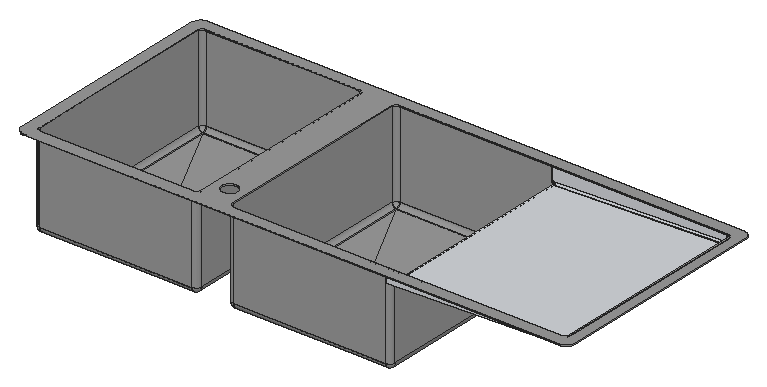
Revit family "Alma-SNA0022L-Theo-LHS-1200-Stainless-Steel", category Plumbing Fixtures, host Face, Revit 2022
Family settings
  Host = Face
  Round Connector Dimension = Use Diameter
  Part Type = Normal
  Cut with Voids When Loaded = No
  Maintain Annotation Orientation = No
  Shared = No
  Room Calculation Point = No
Parameters (values of type "Theo LHS 1200 Stainless Steel")
  Width 2 = 350.0 mm
  Width 1 = 350.0 mm
  Undermount [instance] = 20.0 mm
  URL = "https://www.buildmat.com.au/products/theo-1200x500-double-bowl-tap-landing-with-left-drain-board-sink"
  Sound Pad 2 = yes
  Sound Pad 1 = yes
  Model = "SNA0022L"  # constant formula
  Manufacturer = "BUILDMAT"  # constant formula
  Length = 450.0 mm
  Gap = 70.0 mm
  Drainboard Length = 380.0 mm
  Drain Sound Pad 2 = yes
  Drain Sound Pad 1 = yes
  Description = "Theo 1200x500 Double Bowl with Tap Landing & LHS Drain Board Sink"  # constant formula
  Depth = 205.0 mm
  Default Elevation = 1200.0 mm
  D. S. Pad 2 = 175.0 mm
  D. S. Pad 1 = 200.0 mm
  D. Bracket 4 = 50.0 mm
  D. Bracket 3 = 50.0 mm
  D. Bracket 2 = 50.0 mm
  D. Bracket 1 = 100.0 mm
  Created = "22.12.2023"  # constant formula
  Brand = "Alma"  # constant formula
  Bracket 4 = yes
  Bracket 3 = yes
  Bracket 2 = yes
  Bracket 1 = yes
  Bowl = ALMA Stainless Steel
Reference planes
  plane 1 "Center (Front/Back)": y = 0
  plane 2: z = 0
  plane 3 "Center (Left/Right)": x = 0
  plane 4: x = -35
  plane 5: x = 35
  plane 6: x = -385
  plane 7: x = 385
  plane 8: y = -225
  plane 9: y = 225
  plane 10: x = -410
  plane 11: y = -250
  plane 12: y = 250
  plane 13: x = 210
  plane 14: x = -210
  plane 15: y = 215
  plane 16: y = -215
  plane 17: x = -375
  plane 18: x = -45
  plane 19: x = 45
  plane 20: x = 375
  plane 21: y = 226.5
  plane 22: y = -226.5
  plane 23: x = -386.5
  plane 24: x = -33.5
  plane 25: x = 33.5
  plane 26: x = 386.5
  plane 27: x = -267
  plane 28: x = -153
  plane 29: x = -165
  plane 30: x = -255
  plane 31: x = 153
  plane 32: x = 165
  plane 33: x = 255
  plane 34: x = 267
  plane 35 "Sound Pad 1": x = -185
  plane 36 "Sound Pad 2": x = 210
  plane 37 "Top Substrate": z = -20
  plane 38: z = -18.5
  plane 39 "Bottom Void": z = -225
  plane 40: z = -215
  plane 41: z = -205
  plane 42: z = -220
  plane 43: z = -221.481
  plane 44: z = -216.5
  plane 45 "Sound Pad": z = -125
  plane 46 "Bracket 1": x = -285
  plane 47 "Bracket 2": x = -85
  plane 48 "Bracket 3": x = 85
  plane 49 "Bracket 4": x = 335
  plane 50: y = 125
  plane 51: y = -125
  plane 52: x = -310
  plane 53: x = -110
  plane 54: x = 110
  plane 55: x = 310
  plane 56: z = -185
  plane 57: z = -165
  plane 58 "Drainboard": x = 765
  plane 59: x = 790
  plane 60: x = 766.5
  plane 61: x = 755
  plane 62: z = -35
  plane 63: z = -50
  plane 64: x = 665
  plane 65: y = -180
  plane 66: x = -17.5
  plane 67: x = 17.5
  plane 68: y = -162.5
  plane 69: y = -197.5
Forms (mm)
  Extrusion 1, void
    sketch origin (0, 0, 0) x (1, 0, 0) y (0, 1, 0)
      loop
        arc (-375, 225) -> (-382.071, 222.071) -> (-385, 215) r 10
        line (-385, 215) -> (-385, -215)
        arc (-385, -215) -> (-382.071, -222.071) -> (-375, -225) r 10
        line (-375, -225) -> (755, -225)
        arc (755, -225) -> (762.071, -222.071) -> (765, -215) r 10
        line (765, -215) -> (765, 215)
        arc (765, 215) -> (762.071, 222.071) -> (755, 225) r 10
        line (755, 225) -> (-375, 225)
    from 0 to -18.5
  Extrusion 2, void
    sketch origin (0, 0, 0) x (1, 0, 0) y (0, 1, 0)
      loop
        arc (-390, 250) -> (-404.142, 244.142) -> (-410, 230) r 20
        line (-410, 230) -> (-410, -230)
        arc (-410, -230) -> (-404.142, -244.142) -> (-390, -250) r 20
        line (-390, -250) -> (770, -250)
        arc (770, -250) -> (784.142, -244.142) -> (790, -230) r 20
        line (790, -230) -> (790, 230)
        arc (790, 230) -> (784.142, 244.142) -> (770, 250) r 20
        line (770, 250) -> (-390, 250)
    from -20 to -18.5
  Extrusion 3, void
    sketch origin (0, 0, 0) x (1, 0, 0) y (0, 1, 0)
      loop
        line (-386.5, 226.5) -> (-386.5, -226.5) -> (766.5, -226.5) -> (766.5, 226.5) -> (-386.5, 226.5)
    from -225 to -20
  Extrusion 4, solid, material "ALMA Stainless Steel" <- "Bowl"
    sketch origin (0, 0, -20) x (-1, 0, 0) y (0, -1, 0)
      loop
        arc (390, -250) -> (404.142, -244.142) -> (410, -230) r 20
        line (410, -230) -> (410, 230)
        arc (410, 230) -> (404.142, 244.142) -> (390, 250) r 20
        line (390, 250) -> (-770, 250)
        arc (-770, 250) -> (-784.142, 244.142) -> (-790, 230) r 20
        line (-790, 230) -> (-790, -230)
        arc (-790, -230) -> (-784.142, -244.142) -> (-770, -250) r 20
        line (-770, -250) -> (390, -250)
      loop
        arc (375, -225) -> (382.071, -222.071) -> (385, -215) r 10
        line (385, -215) -> (385, 215)
        arc (385, 215) -> (382.071, 222.071) -> (375, 225) r 10
        line (375, 225) -> (45, 225)
        arc (45, 225) -> (37.929, 222.071) -> (35, 215) r 10
        line (35, 215) -> (35, -215)
        arc (35, -215) -> (37.929, -222.071) -> (45, -225) r 10
        line (45, -225) -> (375, -225)
      loop
        line (-35, -215) -> (-35, 215)
        arc (-35, 215) -> (-37.929, 222.071) -> (-45, 225) r 10
        line (-45, 225) -> (-755, 225)
        arc (-755, 225) -> (-762.071, 222.071) -> (-765, 215) r 10
        line (-765, 215) -> (-765, -215)
        arc (-765, -215) -> (-762.071, -222.071) -> (-755, -225) r 10
        line (-755, -225) -> (-45, -225)
        arc (-45, -225) -> (-37.929, -222.071) -> (-35, -215) r 10
      loop
        circle (0, 180) r 17.5
    from 0 to 1.5
  Extrusion 5, solid, material "ALMA Stainless Steel" <- "Bowl"
    sketch origin (0, 0, -20) x (-1, 0, 0) y (0, -1, 0)
      loop
        arc (375, -225) -> (382.071, -222.071) -> (385, -215) r 10
        line (385, -215) -> (385, 215)
        arc (385, 215) -> (382.071, 222.071) -> (375, 225) r 10
        line (375, 225) -> (45, 225)
        arc (45, 225) -> (37.929, 222.071) -> (35, 215) r 10
        line (35, 215) -> (35, -215)
        arc (35, -215) -> (37.929, -222.071) -> (45, -225) r 10
        line (45, -225) -> (375, -225)
      loop
        arc (375, -226.5) -> (383.132, -223.132) -> (386.5, -215) r 11.5
        line (386.5, -215) -> (386.5, 215)
        arc (386.5, 215) -> (383.132, 223.132) -> (375, 226.5) r 11.5
        line (375, 226.5) -> (45, 226.5)
        arc (45, 226.5) -> (36.868, 223.132) -> (33.5, 215) r 11.5
        line (33.5, 215) -> (33.5, -215)
        arc (33.5, -215) -> (36.868, -223.132) -> (45, -226.5) r 11.5
        line (45, -226.5) -> (375, -226.5)
    from 0 to -185
  Extrusion 6, solid, material "ALMA Stainless Steel" <- "Bowl"
    sketch origin (0, 0, -20) x (-1, 0, 0) y (0, -1, 0)
      loop
        arc (-45, -225) -> (-37.929, -222.071) -> (-35, -215) r 10
        line (-35, -215) -> (-35, 215)
        arc (-35, 215) -> (-37.929, 222.071) -> (-45, 225) r 10
        line (-45, 225) -> (-375, 225)
        arc (-375, 225) -> (-382.071, 222.071) -> (-385, 215) r 10
        line (-385, 215) -> (-385, -215)
        arc (-385, -215) -> (-382.071, -222.071) -> (-375, -225) r 10
        line (-375, -225) -> (-45, -225)
      loop
        line (-33.5, -215) -> (-33.5, 215)
        arc (-33.5, 215) -> (-36.868, 223.132) -> (-45, 226.5) r 11.5
        line (-45, 226.5) -> (-375, 226.5)
        arc (-375, 226.5) -> (-383.132, 223.132) -> (-386.5, 215) r 11.5
        line (-386.5, 215) -> (-386.5, -215)
        arc (-386.5, -215) -> (-383.132, -223.132) -> (-375, -226.5) r 11.5
        line (-375, -226.5) -> (-45, -226.5)
        arc (-45, -226.5) -> (-36.868, -223.132) -> (-33.5, -215) r 11.5
    from 0 to -185
  Extrusion 7, solid, material "ALMA Stainless Steel" <- "Bowl"
    sketch origin (0, 0, 0) x (1, 0, 0) y (0, 0, 1)
      loop
        line (-385, -205) -> (-386.5, -205)
        arc (-386.5, -205) -> (-383.132, -213.132) -> (-375, -216.5) r 11.5
        line (-375, -216.5) -> (-375, -215)
        arc (-375, -215) -> (-382.071, -212.071) -> (-385, -205) r 10
    from -215 to 215
  Extrusion 8, solid, material "ALMA Stainless Steel" <- "Bowl"
    sketch origin (0, 0, 0) x (1, 0, 0) y (0, 0, 1)
      loop
        arc (-35, -205) -> (-37.929, -212.071) -> (-45, -215) r 10
        line (-45, -215) -> (-45, -216.5)
        arc (-45, -216.5) -> (-36.868, -213.132) -> (-33.5, -205) r 11.5
        line (-33.5, -205) -> (-35, -205)
    from -215 to 215
  Extrusion 9, solid, material "ALMA Stainless Steel" <- "Bowl"
    sketch origin (0, 0, 0) x (1, 0, 0) y (0, 0, 1)
      loop
        line (35, -205) -> (33.5, -205)
        arc (33.5, -205) -> (36.868, -213.132) -> (45, -216.5) r 11.5
        line (45, -216.5) -> (45, -215)
        arc (45, -215) -> (37.929, -212.071) -> (35, -205) r 10
    from -215 to 215
  Extrusion 10, solid, material "ALMA Stainless Steel" <- "Bowl"
    sketch origin (0, 0, 0) x (1, 0, 0) y (0, 0, 1)
      loop
        arc (385, -205) -> (382.071, -212.071) -> (375, -215) r 10
        line (375, -215) -> (375, -216.5)
        arc (375, -216.5) -> (383.132, -213.132) -> (386.5, -205) r 11.5
        line (386.5, -205) -> (385, -205)
    from -215 to 215
  Extrusion 11, solid, material "ALMA Stainless Steel" <- "Bowl"
    sketch origin (0, 0, 0) x (0, 1, 0) y (0, 0, 1)
      loop
        line (226.5, -205) -> (225, -205)
        arc (225, -205) -> (222.071, -212.071) -> (215, -215) r 10
        line (215, -215) -> (215, -216.5)
        arc (215, -216.5) -> (223.132, -213.132) -> (226.5, -205) r 11.5
    from 45 to 375
  Extrusion 12, solid, material "ALMA Stainless Steel" <- "Bowl"
    sketch origin (0, 0, 0) x (0, 1, 0) y (0, 0, 1)
      loop
        line (-225, -205) -> (-226.5, -205)
        arc (-226.5, -205) -> (-223.132, -213.132) -> (-215, -216.5) r 11.5
        line (-215, -216.5) -> (-215, -215)
        arc (-215, -215) -> (-222.071, -212.071) -> (-225, -205) r 10
    from 45 to 375
  Extrusion 13, solid, material "ALMA Stainless Steel" <- "Bowl"
    sketch origin (0, 0, 0) x (0, 1, 0) y (0, 0, 1)
      loop
        arc (225, -205) -> (222.071, -212.071) -> (215, -215) r 10
        line (215, -215) -> (215, -216.5)
        arc (215, -216.5) -> (223.132, -213.132) -> (226.5, -205) r 11.5
        line (226.5, -205) -> (225, -205)
    from -375 to -45
  Extrusion 14, solid, material "ALMA Stainless Steel" <- "Bowl"
    sketch origin (0, 0, 0) x (0, 1, 0) y (0, 0, 1)
      loop
        line (-225, -205) -> (-226.5, -205)
        arc (-226.5, -205) -> (-223.132, -213.132) -> (-215, -216.5) r 11.5
        line (-215, -216.5) -> (-215, -215)
        arc (-215, -215) -> (-222.071, -212.071) -> (-225, -205) r 10
    from -375 to -45
  Revolve 15, solid, material "ALMA Stainless Steel" <- "Bowl"
    sketch origin (-423.435, 215, 4000) x (-1, 0, 0) y (0, 0, 1)
      loop
        arc (-38.435, -4205) -> (-41.364, -4212.071) -> (-48.435, -4215) r 10
        line (-48.435, -4215) -> (-48.435, -4216.5)
        arc (-48.435, -4216.5) -> (-40.304, -4213.132) -> (-36.935, -4205) r 11.5
        line (-36.935, -4205) -> (-38.435, -4205)
      axis (-48.435, -4205) -> (-48.435, -4216.5)
    angle from -90 to 0
  Revolve 16, solid, material "ALMA Stainless Steel" <- "Bowl"
    sketch origin (-423.435, 215, 4000) x (-1, 0, 0) y (0, 0, 1)
      loop
        line (-388.435, -4205) -> (-389.935, -4205)
        arc (-389.935, -4205) -> (-386.567, -4213.132) -> (-378.435, -4216.5) r 11.5
        line (-378.435, -4216.5) -> (-378.435, -4215)
        arc (-378.435, -4215) -> (-385.506, -4212.071) -> (-388.435, -4205) r 10
      axis (-378.435, -4205) -> (-378.435, -4216.5)
    angle from -90 to 0
  Revolve 17, solid, material "ALMA Stainless Steel" <- "Bowl"
    sketch origin (-423.435, 215, 4000) x (-1, 0, 0) y (0, 0, 1)
      loop
        arc (-458.435, -4205) -> (-461.364, -4212.071) -> (-468.435, -4215) r 10
        line (-468.435, -4215) -> (-468.435, -4216.5)
        arc (-468.435, -4216.5) -> (-460.304, -4213.132) -> (-456.935, -4205) r 11.5
        line (-456.935, -4205) -> (-458.435, -4205)
      axis (-468.435, -4205) -> (-468.435, -4216.5)
    angle from -90 to 0
  Revolve 18, solid, material "ALMA Stainless Steel" <- "Bowl"
    sketch origin (-423.435, 215, 4000) x (-1, 0, 0) y (0, 0, 1)
      loop
        line (-808.435, -4205) -> (-809.935, -4205)
        arc (-809.935, -4205) -> (-806.567, -4213.132) -> (-798.435, -4216.5) r 11.5
        line (-798.435, -4216.5) -> (-798.435, -4215)
        arc (-798.435, -4215) -> (-805.506, -4212.071) -> (-808.435, -4205) r 10
      axis (-798.435, -4205) -> (-798.435, -4216.5)
    angle from -90 to 0
  Revolve 19, solid, material "ALMA Stainless Steel" <- "Bowl"
    sketch origin (-423.435, -215, 4000) x (-1, 0, 0) y (0, 0, 1)
      loop
        arc (-38.435, -4205) -> (-41.364, -4212.071) -> (-48.435, -4215) r 10
        line (-48.435, -4215) -> (-48.435, -4216.5)
        arc (-48.435, -4216.5) -> (-40.304, -4213.132) -> (-36.935, -4205) r 11.5
        line (-36.935, -4205) -> (-38.435, -4205)
      axis (-48.435, -4205) -> (-48.435, -4216.5)
    angle from 0 to 90
  Revolve 20, solid, material "ALMA Stainless Steel" <- "Bowl"
    sketch origin (-423.435, -215, 4000) x (-1, 0, 0) y (0, 0, 1)
      loop
        arc (-389.935, -4205) -> (-386.567, -4213.132) -> (-378.435, -4216.5) r 11.5
        line (-378.435, -4216.5) -> (-378.435, -4215)
        arc (-378.435, -4215) -> (-385.506, -4212.071) -> (-388.435, -4205) r 10
        line (-388.435, -4205) -> (-389.935, -4205)
      axis (-378.435, -4205) -> (-378.435, -4216.5)
    angle from 0 to 90
  Revolve 21, solid, material "ALMA Stainless Steel" <- "Bowl"
    sketch origin (-423.435, -215, 4000) x (-1, 0, 0) y (0, 0, 1)
      loop
        line (-456.935, -4205) -> (-458.435, -4205)
        arc (-458.435, -4205) -> (-461.364, -4212.071) -> (-468.435, -4215) r 10
        line (-468.435, -4215) -> (-468.435, -4216.5)
        arc (-468.435, -4216.5) -> (-460.304, -4213.132) -> (-456.935, -4205) r 11.5
      axis (-468.435, -4205) -> (-468.435, -4216.5)
    angle from 0 to 90
  Revolve 22, solid, material "ALMA Stainless Steel" <- "Bowl"
    sketch origin (-423.435, -215, 4000) x (-1, 0, 0) y (0, 0, 1)
      loop
        arc (-809.935, -4205) -> (-806.567, -4213.132) -> (-798.435, -4216.5) r 11.5
        line (-798.435, -4216.5) -> (-798.435, -4215)
        arc (-798.435, -4215) -> (-805.506, -4212.071) -> (-808.435, -4205) r 10
        line (-808.435, -4205) -> (-809.935, -4205)
      axis (-798.435, -4205) -> (-798.435, -4216.5)
    angle from 0 to 90
  Extrusion 23, solid, material "ALMA Stainless Steel" <- "Bowl"
    sketch origin (0, 0, -20) x (-1, 0, 0) y (0, -1, 0)
      loop
        line (45, -215) -> (375, -215) -> (375, 215) -> (45, 215) -> (45, -215)
    from -196.5 to -195
  Extrusion 24, solid, material "ALMA Stainless Steel" <- "Bowl"
    sketch origin (0, 0, -20) x (-1, 0, 0) y (0, -1, 0)
      loop
        line (-45, -215) -> (-45, 215) -> (-375, 215) -> (-375, -215) -> (-45, -215)
    from -196.5 to -195
  Blend 25, solid, material "ALMA Stainless Steel" <- "Bowl"
    base sketch origin (0, 0, -20) x (-1, 0, 0) y (0, -1, 0)
      loop
        circle (210, 0) r 57
    top sketch origin (0, 0, -20) x (-1, 0, 0) y (0, -1, 0)
      loop
        line (375, -215) -> (375, 215) -> (45, 215) -> (45, -215) -> (375, -215)
    from -201.481 to -196.5
  Blend 26, solid, material "ALMA Stainless Steel" <- "Bowl"
    base sketch origin (0, 0, -20) x (-1, 0, 0) y (0, -1, 0)
      loop
        circle (-210, 0) r 57
    top sketch origin (0, 0, -20) x (-1, 0, 0) y (0, -1, 0)
      loop
        line (-45, -215) -> (-45, 215) -> (-375, 215) -> (-375, -215) -> (-45, -215)
    from -201.481 to -196.5
  Blend 27, void
    base sketch origin (0, 0, -20) x (-1, 0, 0) y (0, -1, 0)
      loop
        circle (210, 0) r 57
    top sketch origin (0, 0, -20) x (-1, 0, 0) y (0, -1, 0)
      loop
        line (375, -215) -> (375, 215) -> (45, 215) -> (45, -215) -> (375, -215)
    from -200 to -195
  Blend 28, void
    base sketch origin (0, 0, -20) x (-1, 0, 0) y (0, -1, 0)
      loop
        circle (-210, 0) r 57
    top sketch origin (0, 0, -20) x (-1, 0, 0) y (0, -1, 0)
      loop
        line (-45, -215) -> (-45, 215) -> (-375, 215) -> (-375, -215) -> (-45, -215)
    from -200 to -195
  Extrusion 29, void
    sketch origin (0, 0, -225) x (-1, 0, 0) y (0, -1, 0)
      loop
        circle (210, 0) r 57
    from 0 to 5
  Extrusion 30, void
    sketch origin (0, 0, -225) x (-1, 0, 0) y (0, -1, 0)
      loop
        circle (-210, 0) r 57
    from 0 to 5
  Revolve 31, solid, material "ALMA Stainless Steel" <- "Bowl"
    sketch origin (0, 0, 0) x (1, 0, 0) y (0, 0, 1)
      loop
        spline (-267, -220) -> (-266.897, -220.653) -> (-266.591, -221.294) -> (-266.087, -221.913) -> (-265.392, -222.5) -> (-264.52, -223.044) -> (-263.485, -223.536) -> (-262.305, -223.967) -> (-261, -224.33) -> (-259.592, -224.619) -> (-258.106, -224.83) -> (-256.566, -224.957) -> (-255, -225)
        line (-255, -225) -> (-255, -223.5)
        spline (-255, -223.5) -> (-256.371, -223.47) -> (-257.718, -223.381) -> (-259.018, -223.234) -> (-260.25, -223.031) -> (-261.392, -222.777) -> (-262.425, -222.475) -> (-263.33, -222.131) -> (-264.093, -221.75) -> (-264.701, -221.339) -> (-265.142, -220.906) -> (-265.41, -220.457) -> (-265.5, -220)
        line (-265.5, -220) -> (-267, -220)
      axis (-210, -225) -> (-210, -220)
    angle from 0 to 360
  Revolve 32, solid, material "ALMA Stainless Steel" <- "Bowl"
    sketch origin (0, 0, 0) x (1, 0, 0) y (0, 0, 1)
      loop
        line (267, -220) -> (265.5, -220)
        spline (265.5, -220) -> (265.41, -220.457) -> (265.142, -220.906) -> (264.701, -221.339) -> (264.093, -221.75) -> (263.33, -222.131) -> (262.425, -222.475) -> (261.392, -222.777) -> (260.25, -223.031) -> (259.018, -223.234) -> (257.718, -223.381) -> (256.371, -223.47) -> (255, -223.5)
        line (255, -223.5) -> (255, -225)
        spline (255, -225) -> (256.566, -224.957) -> (258.106, -224.83) -> (259.592, -224.619) -> (261, -224.33) -> (262.305, -223.967) -> (263.485, -223.536) -> (264.52, -223.044) -> (265.392, -222.5) -> (266.087, -221.913) -> (266.591, -221.294) -> (266.897, -220.653) -> (267, -220)
      axis (210, -220) -> (210, -225)
    angle from 0 to 360
  Extrusion 33, solid
    sketch origin (0, 0, 0) x (1, 0, 0) y (0, 0, 1)
      loop
        line (375, -50) -> (766.5, -35) -> (766.5, -20) -> (765, -20) -> (765, -33.561) -> (375, -48.499) -> (375, -50)
    from -215 to 215
  Revolve 34, solid
    sketch origin (-423.435, 215, 4000) x (-1, 0, 0) y (0, 0, 1)
      loop
        line (-1189.935, -4035) -> (-1178.435, -4035.441) -> (-1178.435, -4033.944) -> (-1188.435, -4033.561) -> (-1188.435, -4020) -> (-1189.935, -4020) -> (-1189.935, -4035)
      axis (-1178.435, -4035.441) -> (-1178.435, -4020)
    angle from -90 to 0
  Revolve 35, solid
    sketch origin (-423.435, -215, 4000) x (-1, 0, 0) y (0, 0, 1)
      loop
        line (-1189.935, -4035) -> (-1178.435, -4035.441) -> (-1178.435, -4033.944) -> (-1188.435, -4033.561) -> (-1188.435, -4020) -> (-1189.935, -4020) -> (-1189.935, -4035)
      axis (-1178.435, -4035.441) -> (-1178.435, -4020)
    angle from 0 to 90
  SweptBlend 36, solid
    path origin (0, 0, -20) x (-1, 0, 0) y (0, -1, 0)
      loop
        line (-375, -225) -> (-755, -225)
    profile origin (375, 225, -20) x (0, 1, 0) y (0, 0, 1)
      loop
        line (0, -28.084) -> (-10, -28.499) -> (-10, -30) -> (1.5, -29.523) -> (1.5, 0) -> (0, 0) -> (0, -28.084)
    end profile origin (755, 225, -20) x (0, 1, 0) y (0, 0, 1)
      loop
        line (0, -13.561) -> (-10, -13.976) -> (-10, -15.477) -> (1.5, -15) -> (1.5, 0) -> (0, 0) -> (0, -13.561)
  Extrusion 37, void
    sketch origin (0, 0, -20) x (-1, 0, 0) y (0, -1, 0)
      loop
        arc (-385, -215) -> (-382.071, -222.071) -> (-375, -225) r 10
        line (-375, -225) -> (-375, 225)
        arc (-375, 225) -> (-382.071, 222.071) -> (-385, 215) r 10
        line (-385, 215) -> (-385, -215)
    from -30 to 0
  SweptBlend 38, solid
    path origin (0, 0, -20) x (-1, 0, 0) y (0, -1, 0)
      loop
        line (-375, 215) -> (-755, 215)
    profile origin (375, -215, -20) x (0, 1, 0) y (0, 0, 1)
      loop
        line (-11.5, -29.523) -> (0, -30) -> (0, -28.499) -> (-10, -28.084) -> (-10, 0) -> (-11.5, 0) -> (-11.5, -29.523)
    end profile origin (755, -215, -20) x (0, 1, 0) y (0, 0, 1)
      loop
        line (0, -15.477) -> (0, -13.976) -> (-10, -13.561) -> (-10, 0) -> (-11.5, 0) -> (-11.5, -15) -> (0, -15.477)
  SweptBlend 39, void
    path origin (0, 0, -20) x (-1, 0, 0) y (0, -1, 0)
      loop
        line (-375, 0) -> (-755, 0)
    profile origin (375, 0, -20) x (0, 1, 0) y (0, 0, 1)
      loop
        line (-215, -30) -> (215, -30) -> (226.5, -29.523) -> (226.5, 0) -> (-226.5, 0) -> (-226.5, -29.523) -> (-215, -30)
    end profile origin (755, 0, -20) x (0, 1, 0) y (0, 0, 1)
      loop
        line (226.5, 0) -> (-226.5, 0) -> (-226.5, -15) -> (226.5, -15) -> (226.5, 0)
Cuts and joins
  Blend 27, Extrusion 29 cuts Extrusion 23
  Blend 27, Extrusion 29 cuts Blend 25
  joined: Extrusion 23, Blend 25
  Blend 28, Extrusion 30 cuts Extrusion 24
  Blend 28, Extrusion 30 cuts Blend 26
  joined: Extrusion 24, Blend 26
  Extrusion 37 cuts Extrusion 33
  Extrusion 37 cuts SweptBlend 36
  Extrusion 37 cuts SweptBlend 38
  SweptBlend 39 cuts Extrusion 4
  SweptBlend 39 cuts Extrusion 6
  SweptBlend 39 cuts Revolve 34
  SweptBlend 39 cuts Revolve 35
Lines and regions (mm)
  Masking region 1
    outline origin (0, 0, 0) x (1, 0, 0) y (0, 0, 1)
      loop
        line (-385, -20) -> (-385, -205)
        arc (-385, -205) -> (-382.071, -212.071) -> (-375, -215) r 10
        line (-375, -215) -> (-267, -220) -> (-153, -220) -> (-45, -215)
        arc (-45, -215) -> (-37.929, -212.071) -> (-35, -205) r 10
        line (-35, -205) -> (-35, -20) -> (-385, -20)
  Masking region 2
    outline origin (0, 0, 0) x (1, 0, 0) y (0, 0, 1)
      loop
        line (35, -20) -> (35, -205)
        arc (35, -205) -> (37.609, -211.736) -> (44.076, -214.957) r 10
        line (44.076, -214.957) -> (153, -220) -> (267, -220) -> (375, -215)
        arc (375, -215) -> (382.071, -212.071) -> (385, -205) r 10
        line (385, -205) -> (385, -20) -> (35, -20)
  Masking region 3, visible <- "Drain Sound Pad 1"
    outline origin (0, 0, 0) x (1, 0, 0) y (0, 0, 1)
      loop
        line (-267, -221.481) -> (-310, -219.498) -> (-310, -225) -> (-267, -225) -> (-267, -221.481)
  Masking region 4, visible <- "Drain Sound Pad 1"
    outline origin (0, 0, 0) x (1, 0, 0) y (0, 0, 1)
      loop
        line (-153, -221.481) -> (-153, -225) -> (-110, -225) -> (-110, -219.498) -> (-153, -221.481)
  Masking region 5, visible <- "Drain Sound Pad 2"
    outline origin (0, 0, 0) x (1, 0, 0) y (0, 0, 1)
      loop
        line (110, -219.498) -> (110, -225) -> (153, -225) -> (153, -221.481) -> (110, -219.498)
  Masking region 6, visible <- "Drain Sound Pad 2"
    outline origin (0, 0, 0) x (1, 0, 0) y (0, 0, 1)
      loop
        line (310, -219.498) -> (267, -221.481) -> (267, -225) -> (310, -225) -> (310, -219.498)
  Masking region 7
    outline origin (0, 0, 0) x (1, 0, 0) y (0, 0, 1)
      loop
        line (-33.5, -165) -> (-33.5, -185) -> (33.5, -185) -> (33.5, -165) -> (-33.5, -165)
  Masking region 8
    outline origin (-423.435, -215, 4000) x (-1, 0, 0) y (0, 0, 1)
      loop
        line (-1200.935, -4020) -> (-1202.435, -4020) -> (-1202.435, -4035) -> (-1200.935, -4035) -> (-1200.935, -4020)
  Masking region 9
    outline origin (-423.435, -215, 4000) x (-1, 0, 0) y (0, 0, 1)
      loop
        line (-809.935, -4097.929) -> (-809.935, -4055.503) -> (-816.174, -4049.264) -> (-860.437, -4047.427) -> (-809.935, -4097.929)
  Masking region 10
    outline origin (0, 0, -20) x (-1, 0, 0) y (0, -1, 0)
      loop
        arc (-375, -225) -> (-382.071, -222.071) -> (-385, -215) r 10
        line (-385, -215) -> (-385, 215)
        arc (-385, 215) -> (-382.071, 222.071) -> (-375, 225) r 10
        line (-375, 225) -> (-755, 225)
        arc (-755, 225) -> (-762.071, 222.071) -> (-765, 215) r 10
        line (-765, 215) -> (-765, -215)
        arc (-765, -215) -> (-762.071, -222.071) -> (-755, -225) r 10
        line (-755, -225) -> (-375, -225)
Text (mm)
  text "Refer to www.buildmat.com.au for the most current product literature. \nAllow a +/- 5mm tolerance for dimensions shown in the product literature. \nPlease note product details are subject to change due to ongoing product development." at (0.056, -1035.857, 0), in view "Ref. Level"
Dimensions and locks
  equal spacing: plane 4, plane 3 "Center (Left/Right)", plane 5
  "Gap": plane 4 to plane 5
  "Width 1": plane 6 to plane 4
  "Width 2": plane 5 to plane 7
  equal spacing: plane 9, plane 1 "Center (Front/Back)", plane 8
  "Length": plane 8 to plane 9
  locked: plane 10 to plane 6 at 25
  locked: plane 12 to plane 9 at 25
  locked: plane 8 to plane 11 at 25
  equal spacing: plane 5, plane 13, plane 7
  equal spacing: plane 6, plane 14, plane 4
  locked: plane 9 to plane 15 at 10
  locked: plane 16 to plane 8 at 10
  locked: plane 6 to plane 17 at 10
  locked: plane 18 to plane 4 at 10
  locked: plane 5 to plane 19 at 10
  locked: plane 20 to plane 7 at 10
  locked: plane 8 to plane 22 at 1.5
  locked: plane 21 to plane 9 at 1.5
  locked: plane 23 to plane 6 at 1.5
  locked: plane 4 to plane 24 at 1.5
  locked: plane 25 to plane 5 at 1.5
  locked: plane 7 to plane 26 at 1.5
  plane 27 to plane 14 to plane 28 = 57.0 mm locked, 57.0 mm locked
  plane 30 to plane 14 to plane 29 = 45.0 mm locked, 45.0 mm locked
  plane 31 to plane 13 to plane 34 = 57.0 mm locked, 57.0 mm locked
  plane 32 to plane 13 to plane 33 = 45.0 mm locked, 45.0 mm locked
  locked: plane 38 to plane 37 "Top Substrate" at 1.5
  plane 41 to plane 40 to plane 39 "Bottom Void" = 10.0 mm locked, 10.0 mm locked
  locked: plane 42 to plane 39 "Bottom Void" at 5
  locked: plane 42 to plane 43 at 1.481
  locked: plane 40 to plane 44 at 1.5
  locked: plane 45 "Sound Pad" to plane 39 "Bottom Void" at 100
  "Depth": plane 37 "Top Substrate" to plane 39 "Bottom Void"
  "Undermount": plane 2 to plane 37 "Top Substrate"
  "D. S. Pad 1": plane 35 "Sound Pad 1" to plane 6
  "D. S. Pad 2": plane 7 to plane 36 "Sound Pad 2"
  "D. Bracket 1": plane 46 "Bracket 1" to plane 6
  "D. Bracket 2": plane 4 to plane 47 "Bracket 2"
  "D. Bracket 3": plane 48 "Bracket 3" to plane 5
  "D. Bracket 4": plane 7 to plane 49 "Bracket 4"
  locked: plane 9 to plane 50 at 100
  locked: plane 51 to plane 8 at 100
  plane 53 to plane 14 to plane 52 = 100.0 mm locked, 100.0 mm locked
  plane 55 to plane 13 to plane 54 = 100.0 mm locked, 100.0 mm locked
  plane 57 to plane 56 to plane 41 = 20.0 mm locked, 20.0 mm locked
  "Drainboard Length": plane 7 to plane 58 "Drainboard"
  locked: plane 58 "Drainboard" to plane 59 at 25
  locked: plane 58 "Drainboard" to plane 60 at 1.5
  locked: plane 61 to plane 58 "Drainboard" at 10
  plane 37 "Top Substrate" to plane 62 to plane 63 = 15.0 mm locked, 15.0 mm locked
  locked: plane 64 to plane 58 "Drainboard" at 100
  plane 65 to plane 11 = 70.0 mm
  equal spacing: plane 68, plane 65, plane 69
  plane 68 to plane 69 = 35.0 mm
  equal spacing: plane 66, plane 3 "Center (Left/Right)", plane 67
  plane 66 to plane 67 = 35.0 mm
  aligned and locked: plane 2 to host face
  aligned and locked: level to host face
  aligned and locked: Extrusion 1 sketch curve to plane 9
  aligned and locked: Extrusion 1 sketch curve to plane 6
  aligned and locked: Extrusion 1 sketch curve to plane 8
  aligned and locked: Extrusion 1 to level
  aligned and locked: Extrusion 1 to plane 38
  aligned and locked: Extrusion 2 sketch curve to plane 12
  aligned and locked: Extrusion 2 sketch curve to plane 10
  aligned and locked: Extrusion 2 sketch curve to plane 11
  aligned and locked: Extrusion 2 to plane 37 "Top Substrate"
  aligned and locked: Extrusion 2 to plane 38
  aligned and locked: Extrusion 3 sketch curve to plane 21
  aligned and locked: Extrusion 3 sketch curve to plane 23
  aligned and locked: Extrusion 3 sketch curve to plane 22
  aligned and locked: Extrusion 3 to plane 39 "Bottom Void"
  aligned and locked: Extrusion 3 to plane 37 "Top Substrate"
  aligned and locked: Extrusion 4 sketch curve to plane 12
  aligned and locked: Extrusion 4 sketch curve to plane 10
  aligned and locked: Extrusion 4 sketch curve to plane 11
  aligned and locked: Extrusion 4 sketch curve to plane 9  (x2)
  aligned and locked: Extrusion 4 sketch curve to plane 6
  aligned and locked: Extrusion 4 sketch curve to plane 8  (x2)
  aligned and locked: Extrusion 4 sketch curve to plane 4
  aligned and locked: Extrusion 4 sketch curve to plane 5
  aligned and locked: Extrusion 4 to plane 37 "Top Substrate"
  aligned and locked: Extrusion 4 to plane 38
  aligned and locked: Extrusion 5 sketch curve to plane 9
  aligned and locked: Extrusion 5 sketch curve to plane 21
  aligned and locked: Extrusion 5 sketch curve to plane 6
  aligned and locked: Extrusion 5 sketch curve to plane 23
  aligned and locked: Extrusion 5 sketch curve to plane 24
  aligned and locked: Extrusion 5 sketch curve to plane 4
  aligned and locked: Extrusion 5 sketch curve to plane 22
  aligned and locked: Extrusion 5 sketch curve to plane 8
  aligned and locked: Extrusion 5 to plane 41
  aligned and locked: plane 37 "Top Substrate" to Extrusion 5
  aligned and locked: Extrusion 6 sketch curve to plane 9
  aligned and locked: Extrusion 6 sketch curve to plane 7
  aligned and locked: Extrusion 6 sketch curve to plane 8
  aligned and locked: Extrusion 6 sketch curve to plane 5
  aligned and locked: Extrusion 6 sketch curve to plane 25
  aligned and locked: Extrusion 6 sketch curve to plane 26
  aligned and locked: Extrusion 6 sketch curve to plane 21
  aligned and locked: Extrusion 6 sketch curve to plane 22
  aligned and locked: Extrusion 6 to plane 41
  aligned and locked: plane 37 "Top Substrate" to Extrusion 6
  aligned and locked: Extrusion 7 sketch curve to plane 41
  aligned and locked: Extrusion 7 sketch curve to plane 17
  aligned and locked: Extrusion 8 sketch curve to plane 41
  aligned and locked: Extrusion 8 sketch curve to plane 18
  aligned and locked: Extrusion 9 sketch curve to plane 41
  aligned and locked: Extrusion 9 sketch curve to plane 19
  aligned and locked: Extrusion 10 sketch curve to plane 20
  aligned and locked: plane 41 to Extrusion 10 sketch curve
  aligned and locked: plane 15 to Extrusion 10
  aligned and locked: plane 15 to Extrusion 9
  aligned and locked: plane 15 to Extrusion 8
  aligned and locked: plane 15 to Extrusion 7
  aligned and locked: Extrusion 10 to plane 16
  aligned and locked: Extrusion 9 to plane 16
  aligned and locked: Extrusion 8 to plane 16
  aligned and locked: Extrusion 7 to plane 16
  aligned and locked: plane 41 to Extrusion 11 sketch curve
  aligned and locked: plane 15 to Extrusion 11 sketch curve
  aligned and locked: plane 16 to Extrusion 12 sketch curve
  aligned and locked: plane 41 to Extrusion 12 sketch curve
  aligned and locked: plane 20 to Extrusion 11
  aligned and locked: plane 20 to Extrusion 12
  aligned and locked: Extrusion 11 to plane 19
  aligned and locked: Extrusion 12 to plane 19
  aligned and locked: plane 15 to Extrusion 13 sketch curve
  aligned and locked: plane 41 to Extrusion 13 sketch curve
  aligned and locked: plane 16 to Extrusion 14 sketch curve
  aligned and locked: plane 41 to Extrusion 14 sketch curve
  aligned and locked: Extrusion 14 to plane 17
  aligned and locked: plane 18 to Extrusion 14
  aligned and locked: Extrusion 13 to plane 17
  aligned and locked: plane 18 to Extrusion 13
  aligned and locked: Revolve 15 sketch curve to plane 17
  aligned and locked: plane 41 to Revolve 15 sketch curve
  aligned and locked: plane 17 to Revolve 15 sketch curve
  aligned and locked: plane 17 to Revolve 15
  aligned and locked: plane 15 to Revolve 15
  aligned and locked: Revolve 16 sketch curve to plane 18
  aligned and locked: plane 18 to Revolve 16 sketch curve
  aligned and locked: plane 41 to Revolve 16 sketch curve
  aligned and locked: Revolve 16 to plane 18
  aligned and locked: plane 15 to Revolve 16
  aligned and locked: Revolve 17 sketch curve to plane 19
  aligned and locked: plane 41 to Revolve 17 sketch curve
  aligned and locked: plane 19 to Revolve 17 sketch curve
  aligned and locked: plane 19 to Revolve 17
  aligned and locked: plane 15 to Revolve 17
  aligned and locked: Revolve 18 sketch curve to plane 20
  aligned and locked: plane 20 to Revolve 18 sketch curve
  aligned and locked: plane 41 to Revolve 18 sketch curve
  aligned and locked: Revolve 18 to plane 20
  aligned and locked: plane 15 to Revolve 18
  aligned and locked: Revolve 19 sketch curve to plane 17
  aligned and locked: plane 41 to Revolve 19 sketch curve
  aligned and locked: plane 17 to Revolve 19 sketch curve
  aligned and locked: Revolve 19 to plane 17
  aligned and locked: plane 16 to Revolve 19
  aligned and locked: Revolve 20 sketch curve to plane 18
  aligned and locked: plane 41 to Revolve 20 sketch curve
  aligned and locked: plane 18 to Revolve 20 sketch curve
  aligned and locked: plane 18 to Revolve 20
  aligned and locked: plane 16 to Revolve 20
  aligned and locked: Revolve 21 sketch curve to plane 19
  aligned and locked: plane 41 to Revolve 21 sketch curve
  aligned and locked: plane 19 to Revolve 21 sketch curve
  aligned and locked: Revolve 21 to plane 19
  aligned and locked: plane 16 to Revolve 21
  aligned and locked: Revolve 22 sketch curve to plane 20
  aligned and locked: plane 41 to Revolve 22 sketch curve
  aligned and locked: plane 20 to Revolve 22 sketch curve
  aligned and locked: plane 16 to Revolve 22
  aligned and locked: plane 20 to Revolve 22
  aligned and locked: Extrusion 23 sketch curve to plane 18
  aligned and locked: Extrusion 23 sketch curve to plane 17
  aligned and locked: Extrusion 23 sketch curve to plane 15
  aligned and locked: Extrusion 23 sketch curve to plane 16
  aligned and locked: Extrusion 23 to plane 44
  aligned and locked: plane 40 to Extrusion 23
  aligned and locked: Extrusion 24 sketch curve to plane 15
  aligned and locked: Extrusion 24 sketch curve to plane 16
  aligned and locked: Extrusion 24 sketch curve to plane 20
  aligned and locked: Extrusion 24 sketch curve to plane 19
  aligned and locked: Extrusion 24 to plane 44
  aligned and locked: Extrusion 24 to plane 40
  aligned and locked: plane 43 to Blend 25
  aligned and locked: plane 44 to Blend 25
  aligned and locked: plane 43 to Blend 26
  aligned and locked: Blend 26 to plane 44
  aligned and locked: Blend 25 sketch curve to plane 15
  aligned and locked: Blend 25 sketch curve to plane 16
  aligned and locked: Blend 25 sketch curve to plane 17
  aligned and locked: Blend 25 sketch curve to plane 18
  aligned and locked: Blend 26 sketch curve to plane 15
  aligned and locked: Blend 26 sketch curve to plane 16
  aligned and locked: Blend 26 sketch curve to plane 20
  aligned and locked: Blend 26 sketch curve to plane 19
  aligned and locked: Blend 27 sketch curve to plane 15
  aligned and locked: Blend 27 sketch curve to plane 16
  aligned and locked: Blend 27 sketch curve to plane 17
  aligned and locked: Blend 27 sketch curve to plane 18
  aligned and locked: Blend 27 to plane 42
  aligned and locked: plane 40 to Blend 27
  aligned and locked: Blend 28 sketch curve to plane 15
  aligned and locked: Blend 28 sketch curve to plane 16
  aligned and locked: Blend 28 sketch curve to plane 20
  aligned and locked: Blend 28 sketch curve to plane 19
  aligned and locked: Blend 28 to plane 42
  aligned and locked: Blend 28 to plane 40
  aligned and locked: Extrusion 29 to plane 39 "Bottom Void"
  aligned and locked: plane 42 to Extrusion 29
  aligned and locked: Extrusion 30 to plane 39 "Bottom Void"
  aligned and locked: plane 42 to Extrusion 30
  aligned and locked: plane 14 to Revolve 31 sketch curve
  aligned and locked: Revolve 31 sketch curve to plane 42
  aligned and locked: plane 30 to Revolve 31 sketch curve
  aligned and locked: Revolve 32 sketch curve to plane 13
  aligned and locked: plane 33 to Revolve 32 sketch curve
  aligned and locked: plane 42 to Revolve 32 sketch curve
  aligned and locked: plane 17 to nested 1
  aligned and locked: plane 18 to nested 1
  aligned and locked: plane 16 to nested 1
  aligned and locked: plane 15 to nested 1
  aligned and locked: plane 19 to nested 2
  aligned and locked: plane 20 to nested 2
  aligned and locked: plane 16 to nested 2
  aligned and locked: plane 13 to nested 4
  aligned and locked: plane 14 to nested 3
  aligned and locked: plane 1 "Center (Front/Back)" to nested 3
  aligned and locked: plane 1 "Center (Front/Back)" to nested 4
  aligned and locked: plane 50 to nested 5
  aligned and locked: plane 23 to nested 5
  aligned and locked: plane 51 to nested 6
  aligned and locked: plane 23 to nested 6
  aligned and locked: nested 11 to plane 46 "Bracket 1"
  aligned and locked: nested 12 to plane 47 "Bracket 2"
  aligned and locked: plane 22 to nested 11
  aligned and locked: plane 22 to nested 12
  aligned and locked: nested 13 to plane 48 "Bracket 3"
  aligned and locked: plane 22 to nested 13
  aligned and locked: nested 14 to plane 49 "Bracket 4"
  aligned and locked: plane 22 to nested 14
  aligned and locked: plane 46 "Bracket 1" to nested 7
  aligned and locked: nested 7 to plane 21
  aligned and locked: plane 47 "Bracket 2" to nested 8
  aligned and locked: nested 8 to plane 21
  aligned and locked: plane 48 "Bracket 3" to nested 9
  aligned and locked: plane 49 "Bracket 4" to nested 10
  aligned and locked: nested 10 to plane 21
  aligned and locked: nested 9 to plane 21
  aligned and locked: Masking region 1 sketch curve to plane 37 "Top Substrate"
  aligned and locked: Masking region 1 sketch curve to plane 6
  aligned and locked: Masking region 1 sketch curve to plane 4
  aligned and locked: Masking region 1 sketch curve to Extrusion 7
  aligned and locked: Masking region 1 sketch curve to Extrusion 8
  aligned and locked: Masking region 1 sketch curve to plane 42
  aligned and locked: Masking region 1 sketch curve to cut or joined group of Extrusion 23, Blend 25, Blend 27, Extrusion 29  (x2)
  aligned and locked: Masking region 2 sketch curve to plane 37 "Top Substrate"
  aligned and locked: Masking region 2 sketch curve to plane 42
  aligned and locked: Masking region 2 sketch curve to plane 7
  aligned and locked: Masking region 2 sketch curve to plane 5
  aligned and locked: Masking region 2 sketch curve to Extrusion 9
  aligned and locked: Masking region 2 sketch curve to cut or joined group of Extrusion 24, Blend 26, Blend 28, Extrusion 30  (x2)
  aligned and locked: Masking region 2 sketch curve to Extrusion 10
  aligned and locked: nested 15 to plane 37 "Top Substrate"
  aligned and locked: plane 46 "Bracket 1" to nested 15
  aligned and locked: nested 16 to plane 37 "Top Substrate"
  aligned and locked: plane 47 "Bracket 2" to nested 16
  aligned and locked: nested 18 to plane 37 "Top Substrate"
  aligned and locked: plane 49 "Bracket 4" to nested 18
  aligned and locked: nested 17 to plane 37 "Top Substrate"
  aligned and locked: plane 48 "Bracket 3" to nested 17
  aligned and locked: nested 19 to plane 45 "Sound Pad"
  aligned and locked: plane 35 "Sound Pad 1" to nested 19
  aligned and locked: nested 20 to plane 45 "Sound Pad"
  aligned and locked: plane 36 "Sound Pad 2" to nested 20
  aligned and locked: Masking region 3 sketch curve to plane 27
  aligned and locked: cut or joined group of Extrusion 23, Blend 25, Blend 27, Extrusion 29 to Masking region 3 sketch curve
  aligned and locked: Masking region 3 sketch curve to plane 39 "Bottom Void"
  aligned and locked: Masking region 3 sketch curve to plane 52
  aligned and locked: Masking region 4 sketch curve to plane 28
  aligned and locked: Masking region 4 sketch curve to plane 53
  aligned and locked: Masking region 4 sketch curve to plane 39 "Bottom Void"
  aligned and locked: Masking region 4 sketch curve to cut or joined group of Extrusion 23, Blend 25, Blend 27, Extrusion 29
  aligned and locked: cut or joined group of Extrusion 24, Blend 26, Blend 28, Extrusion 30 to Masking region 5 sketch curve
  aligned and locked: Masking region 5 sketch curve to plane 54
  aligned and locked: Masking region 5 sketch curve to plane 31
  aligned and locked: Masking region 5 sketch curve to plane 39 "Bottom Void"
  aligned and locked: Masking region 6 sketch curve to plane 55
  aligned and locked: Masking region 6 sketch curve to plane 34
  aligned and locked: Masking region 6 sketch curve to cut or joined group of Extrusion 24, Blend 26, Blend 28, Extrusion 30
  aligned and locked: Masking region 6 sketch curve to plane 39 "Bottom Void"
  aligned and locked: Masking region 7 sketch curve to plane 57
  aligned and locked: Masking region 7 sketch curve to plane 56
  aligned and locked: Masking region 7 sketch curve to plane 24
  aligned and locked: Masking region 7 sketch curve to plane 25
  aligned and locked: Extrusion 4 sketch curve to plane 59
  aligned and locked: Extrusion 4 sketch curve to plane 58 "Drainboard"
  aligned and locked: Extrusion 2 sketch curve to plane 59
  aligned and locked: Extrusion 3 sketch curve to plane 60
  aligned and locked: Extrusion 1 sketch curve to plane 58 "Drainboard"
  aligned and locked: Extrusion 33 sketch curve to plane 20
  aligned and locked: Extrusion 33 sketch curve to plane 60
  aligned and locked: plane 37 "Top Substrate" to Extrusion 33 sketch curve
  aligned and locked: Extrusion 33 sketch curve to plane 58 "Drainboard"
  aligned and locked: Extrusion 33 to plane 15
  aligned and locked: Extrusion 33 to plane 16
  aligned and locked: plane 61 to Revolve 34 sketch curve  (x2)
  aligned and locked: plane 60 to Revolve 34 sketch curve
  aligned and locked: plane 58 "Drainboard" to Revolve 34 sketch curve
  aligned and locked: Revolve 34 sketch curve to Extrusion 33
  aligned and locked: Extrusion 33 to Revolve 34 sketch curve
  aligned and locked: plane 37 "Top Substrate" to Revolve 34 sketch curve
  aligned and locked: Revolve 34 to plane 61
  aligned and locked: Revolve 34 to plane 15
  aligned and locked: Revolve 35 sketch curve to plane 37 "Top Substrate"
  aligned and locked: plane 61 to Revolve 35 sketch curve  (x2)
  aligned and locked: plane 60 to Revolve 35 sketch curve
  aligned and locked: plane 58 "Drainboard" to Revolve 35 sketch curve
  aligned and locked: plane 37 "Top Substrate" to Revolve 35 sketch curve
  aligned and locked: Extrusion 33 to Revolve 35 sketch curve
  aligned and locked: Revolve 35 sketch curve to Extrusion 33
  aligned and locked: Revolve 35 to plane 16
  aligned and locked: plane 61 to Revolve 35
  aligned and locked: plane 20 to SweptBlend 36 sketch curve
  aligned and locked: plane 61 to SweptBlend 36 sketch curve
  aligned and locked: SweptBlend 36 sketch curve to plane 9
  aligned and locked: plane 9 to SweptBlend 36 sketch curve  (x2)
  aligned and locked: plane 21 to SweptBlend 36 sketch curve  (x2)
  aligned and locked: plane 37 "Top Substrate" to SweptBlend 36 sketch curve  (x2)
  aligned and locked: plane 15 to SweptBlend 36 sketch curve  (x2)
  aligned and locked: Extrusion 37 sketch curve to plane 20
  aligned and locked: Extrusion 37 sketch curve to Extrusion 6  (x2)
  aligned and locked: plane 63 to Extrusion 37
  aligned and locked: plane 37 "Top Substrate" to Extrusion 37
  aligned and locked: plane 20 to SweptBlend 38 sketch curve
  aligned and locked: plane 61 to SweptBlend 38 sketch curve
  aligned and locked: SweptBlend 38 sketch curve to plane 16
  aligned and locked: plane 16 to SweptBlend 38 sketch curve  (x2)
  aligned and locked: plane 22 to SweptBlend 38 sketch curve  (x2)
  aligned and locked: plane 8 to SweptBlend 38 sketch curve  (x2)
  aligned and locked: plane 37 "Top Substrate" to SweptBlend 38 sketch curve  (x2)
  aligned and locked: plane 20 to SweptBlend 39 sketch curve
  aligned and locked: plane 1 "Center (Front/Back)" to SweptBlend 39 sketch curve
  aligned and locked: plane 61 to SweptBlend 39 sketch curve
  aligned and locked: plane 63 to SweptBlend 39 sketch curve
  aligned and locked: plane 37 "Top Substrate" to SweptBlend 39 sketch curve
  aligned and locked: plane 21 to SweptBlend 39 sketch curve
  aligned and locked: plane 22 to SweptBlend 39 sketch curve  (x2)
  aligned and locked: SweptBlend 39 sketch curve to plane 21
  aligned and locked: SweptBlend 39 sketch curve to plane 37 "Top Substrate"
  aligned and locked: SweptBlend 39 sketch curve to plane 62
  aligned and locked: nested 21 to plane 21
  aligned and locked: plane 64 to nested 21
  aligned and locked: nested 24 to plane 22
  aligned and locked: nested 24 to plane 64
  aligned and locked: plane 51 to nested 23
  aligned and locked: plane 60 to nested 23
  aligned and locked: plane 50 to nested 22
  aligned and locked: plane 60 to nested 22
  aligned and locked: Masking region 10 sketch curve to plane 9
  aligned and locked: Masking region 10 sketch curve to plane 8
  aligned and locked: Masking region 10 sketch curve to plane 58 "Drainboard"
  aligned and locked: Masking region 10 sketch curve to plane 7
Automatic sketch dimensions
  host sketch curve to host sketch curve = 2438.4 mm  (x2)
  Extrusion 5 sketch curve to plane 18 = 0.0 mm
  Extrusion 5 sketch curve to plane 17 = 0.0 mm  (x2)
  Extrusion 5 sketch curve to plane 16 = 0.0 mm
  Extrusion 5 sketch curve to Extrusion 5 sketch curve = 0.0 mm  (x4)
  Extrusion 6 sketch curve to plane 20 = 0.0 mm
  Extrusion 6 sketch curve to plane 19 = 0.0 mm  (x2)
  Extrusion 6 sketch curve to plane 15 = 0.0 mm
  Extrusion 6 sketch curve to Extrusion 6 sketch curve = 0.0 mm  (x4)
  Extrusion 7 sketch curve to plane 6 = 0.0 mm
  Extrusion 7 sketch curve to plane 44 = 0.0 mm
  Extrusion 8 sketch curve to plane 4 = 0.0 mm
  Extrusion 8 sketch curve to plane 44 = 0.0 mm
  Extrusion 9 sketch curve to plane 5 = 0.0 mm
  Extrusion 9 sketch curve to plane 44 = 0.0 mm
  Extrusion 10 sketch curve to plane 7 = 0.0 mm
  Extrusion 10 sketch curve to plane 44 = 0.0 mm
  Extrusion 11 sketch curve to plane 9 = 0.0 mm
  Extrusion 11 sketch curve to plane 44 = 0.0 mm
  Extrusion 12 sketch curve to plane 8 = 0.0 mm
  Extrusion 12 sketch curve to plane 44 = 0.0 mm
  Extrusion 13 sketch curve to plane 9 = 0.0 mm
  Extrusion 13 sketch curve to plane 44 = 0.0 mm
  Extrusion 14 sketch curve to plane 8 = 0.0 mm
  Extrusion 14 sketch curve to plane 44 = 0.0 mm
  Revolve 15 sketch curve to plane 6 = 0.0 mm
  Revolve 15 sketch curve to plane 44 = 0.0 mm  (x2)
  Revolve 15 sketch curve to plane 41 = 0.0 mm
  Revolve 16 sketch curve to plane 4 = 0.0 mm
  Revolve 16 sketch curve to plane 44 = 0.0 mm  (x2)
  Revolve 16 sketch curve to plane 41 = 0.0 mm
  Revolve 17 sketch curve to plane 5 = 0.0 mm
  Revolve 17 sketch curve to plane 44 = 0.0 mm  (x2)
  Revolve 17 sketch curve to plane 41 = 0.0 mm
  Revolve 18 sketch curve to plane 7 = 0.0 mm
  Revolve 18 sketch curve to plane 44 = 0.0 mm  (x2)
  Revolve 18 sketch curve to plane 41 = 0.0 mm
  Revolve 19 sketch curve to plane 6 = 0.0 mm
  Revolve 19 sketch curve to plane 44 = 0.0 mm  (x2)
  Revolve 19 sketch curve to plane 41 = 0.0 mm
  Revolve 20 sketch curve to plane 4 = 0.0 mm
  Revolve 20 sketch curve to plane 44 = 0.0 mm  (x2)
  Revolve 20 sketch curve to plane 41 = 0.0 mm
  Revolve 21 sketch curve to plane 5 = 0.0 mm
  Revolve 21 sketch curve to plane 44 = 0.0 mm  (x2)
  Revolve 21 sketch curve to plane 41 = 0.0 mm
  Revolve 22 sketch curve to plane 7 = 0.0 mm
  Revolve 22 sketch curve to plane 44 = 0.0 mm  (x2)
  Revolve 22 sketch curve to plane 41 = 0.0 mm
  plane 1 "Center (Front/Back)" to Blend 25 sketch curve = 0.0 mm
  Blend 25 sketch curve to plane 14 = 0.0 mm
  plane 1 "Center (Front/Back)" to Blend 26 sketch curve = 0.0 mm
  Blend 26 sketch curve to plane 13 = 0.0 mm
  plane 1 "Center (Front/Back)" to Blend 27 sketch curve = 0.0 mm
  Blend 27 sketch curve to plane 14 = 0.0 mm
  plane 1 "Center (Front/Back)" to Blend 28 sketch curve = 0.0 mm
  Blend 28 sketch curve to plane 13 = 0.0 mm
  plane 1 "Center (Front/Back)" to Extrusion 29 sketch curve = 0.0 mm
  Extrusion 29 sketch curve to plane 14 = 0.0 mm
  plane 1 "Center (Front/Back)" to Extrusion 30 sketch curve = 0.0 mm
  Extrusion 30 sketch curve to plane 13 = 0.0 mm
  Revolve 31 sketch curve to plane 27 = 0.0 mm
  Revolve 31 sketch curve to plane 39 "Bottom Void" = 0.0 mm
  Revolve 31 sketch curve to plane 41 = 0.0 mm
  plane 27 to Revolve 31 sketch curve = 1.5 mm
  Revolve 31 sketch curve to Revolve 31 sketch curve = 1.5 mm
  plane 39 "Bottom Void" to Revolve 31 sketch curve = 0.0 mm
  Revolve 32 sketch curve to plane 34 = 0.0 mm
  Revolve 32 sketch curve to plane 39 "Bottom Void" = 0.0 mm
  Revolve 32 sketch curve to plane 41 = 0.0 mm
  Revolve 32 sketch curve to Revolve 32 sketch curve = 1.5 mm  (x2)
  plane 39 "Bottom Void" to Revolve 32 sketch curve = 0.0 mm
  Extrusion 2 sketch curve to plane 23 = 3.5 mm
  plane 21 to Extrusion 2 sketch curve = 3.5 mm
  plane 58 "Drainboard" to Extrusion 2 sketch curve = 5.0 mm
  Extrusion 2 sketch curve to plane 22 = 3.5 mm
  Extrusion 1 sketch curve to plane 17 = 0.0 mm  (x2)
  Extrusion 1 sketch curve to plane 61 = 0.0 mm  (x2)
  Extrusion 33 sketch curve to plane 63 = 0.0 mm
  Extrusion 33 sketch curve to plane 62 = 0.0 mm
  Extrusion 33 sketch curve to plane 63 = 1.501 mm
  Extrusion 33 sketch curve to plane 62 = 1.439 mm
  Revolve 34 sketch curve to plane 63 = 0.0 mm
  Revolve 34 sketch curve to plane 38 = 1.5 mm
  Revolve 35 sketch curve to plane 63 = 0.0 mm
  SweptBlend 36 sketch curve to plane 37 "Top Substrate" = 28.084 mm
  SweptBlend 36 sketch curve to SweptBlend 36 sketch curve = 0.415 mm
  SweptBlend 36 sketch curve to SweptBlend 36 sketch curve = 1.501 mm  (x2)
  SweptBlend 36 sketch curve to SweptBlend 36 sketch curve = 1.439 mm  (x2)
  SweptBlend 36 sketch curve to plane 37 "Top Substrate" = 15.477 mm
  SweptBlend 36 sketch curve to SweptBlend 36 sketch curve = 0.477 mm
  SweptBlend 38 sketch curve to plane 37 "Top Substrate" = 13.976 mm
  SweptBlend 38 sketch curve to SweptBlend 38 sketch curve = 0.477 mm
  SweptBlend 38 sketch curve to SweptBlend 38 sketch curve = 1.501 mm  (x2)
  SweptBlend 38 sketch curve to SweptBlend 38 sketch curve = 1.439 mm  (x2)
  SweptBlend 38 sketch curve to plane 37 "Top Substrate" = 28.499 mm
  SweptBlend 38 sketch curve to SweptBlend 38 sketch curve = 0.415 mm
  SweptBlend 39 sketch curve to SweptBlend 39 sketch curve = 11.5 mm  (x2)
  SweptBlend 39 sketch curve to SweptBlend 39 sketch curve = 0.477 mm  (x2)
  Masking region 8 sketch curve to plane 37 "Top Substrate" = 0.0 mm
  Masking region 8 sketch curve to plane 62 = 0.0 mm
  plane 59 to Masking region 8 sketch curve = 11.0 mm
  Masking region 8 sketch curve to Masking region 8 sketch curve = 1.5 mm
  plane 45 "Sound Pad" to Masking region 9 sketch curve = 77.573 mm
  plane 26 to Masking region 9 sketch curve = 50.502 mm
  plane 45 "Sound Pad" to Masking region 9 sketch curve = 75.736 mm
  Masking region 9 sketch curve to Masking region 9 sketch curve = 44.263 mm
  plane 57 to Masking region 9 sketch curve = 67.071 mm
  Masking region 9 sketch curve to Masking region 9 sketch curve = 6.239 mm  (x2)
  Masking region 10 sketch curve to plane 16 = 0.0 mm  (x2)
  Masking region 10 sketch curve to plane 61 = 0.0 mm
  Masking region 10 sketch curve to plane 20 = 0.0 mm
  plane 15 to Extrusion 4 sketch curve = 0.0 mm
  Extrusion 4 sketch curve to plane 61 = 0.0 mm
  Extrusion 4 sketch curve to plane 19 = 0.0 mm  (x2)
  Extrusion 4 sketch curve to plane 3 "Center (Left/Right)" = 0.0 mm
  Extrusion 4 sketch curve to plane 18 = 0.0 mm
  Extrusion 4 sketch curve to plane 16 = 0.0 mm  (x2)
  Extrusion 4 sketch curve to plane 17 = 0.0 mm
  Extrusion 4 sketch curve to plane 65 = 0.0 mm
  Extrusion 4 sketch curve to plane 60 = 3.5 mm  (x2)
  plane 21 to Extrusion 4 sketch curve = 3.5 mm
  Extrusion 4 sketch curve to plane 22 = 3.5 mm
  radius of Blend 25 sketch curve = 57.0 mm
  radius of Blend 26 sketch curve = 57.0 mm
  radius of Blend 27 sketch curve = 57.0 mm
  radius of Blend 28 sketch curve = 57.0 mm
  radius of Extrusion 29 sketch curve = 57.0 mm
  radius of Extrusion 30 sketch curve = 57.0 mm
  radius of Extrusion 4 sketch curve = 17.5 mm
Nested families
  nested 1: "BOWL Plan" at (-210, 0, -125), type "BOWL Plan"
    with Width 330.0 mm, Lenght 430.0 mm
  nested 2: "BOWL Plan" at (210, 0, -125), type "BOWL Plan"
    with Width 330.0 mm, Lenght 430.0 mm
  nested 3: "DRAIN" at (-210, 0, -20), type "DRAIN"
  nested 4: "DRAIN" at (210, 0, -20), type "DRAIN"
  nested 5: "TMB_Plan" at (-386.5, 125, -225) x (0, 1, 0) z (0, 0, 1), type "TMB_Plan"
  nested 6: "TMB_Plan" at (-386.5, -125, -225) x (0, 1, 0) z (0, 0, 1), type "TMB_Plan"
  nested 7: "TMB_Plan" at (-285, 226.5, -225), visible <- "Bracket 1", type "TMB_Plan"
  nested 8: "TMB_Plan" at (-85, 226.5, -225), visible <- "Bracket 2", type "TMB_Plan"
  nested 9: "TMB_Plan" at (85, 226.5, -225), visible <- "Bracket 3", type "TMB_Plan"
  nested 10: "TMB_Plan" at (335, 226.5, -225), visible <- "Bracket 4", type "TMB_Plan"
  nested 11: "TMB_Plan" at (-285, -226.5, -225) x (-1, 0, 0) z (0, 0, 1), visible <- "Bracket 1", type "TMB_Plan"
  nested 12: "TMB_Plan" at (-85, -226.5, -225) x (-1, 0, 0) z (0, 0, 1), visible <- "Bracket 2", type "TMB_Plan"
  nested 13: "TMB_Plan" at (85, -226.5, -225) x (-1, 0, 0) z (0, 0, 1), visible <- "Bracket 3", type "TMB_Plan"
  nested 14: "TMB_Plan" at (335, -226.5, -225) x (-1, 0, 0) z (0, 0, 1), visible <- "Bracket 4", type "TMB_Plan"
  nested 15: "TMB_Front" at (-285, 0, -20) x (1, 0, 0) z (0, -1, 0), visible <- "Bracket 1", type "TMB_Front"
  nested 16: "TMB_Front" at (-85, 0, -20) x (1, 0, 0) z (0, -1, 0), visible <- "Bracket 2", type "TMB_Front"
  nested 17: "TMB_Front" at (85, 0, -20) x (1, 0, 0) z (0, -1, 0), visible <- "Bracket 3", type "TMB_Front"
  nested 18: "TMB_Front" at (335, 0, -20) x (1, 0, 0) z (0, -1, 0), visible <- "Bracket 4", type "TMB_Front"
  nested 19: "SP_Front" at (-185, 0, -125) x (1, 0, 0) z (0, -1, 0), visible <- "Sound Pad 1", type "SP_Front"
  nested 20: "SP_Front" at (210, 0, -125) x (1, 0, 0) z (0, -1, 0), visible <- "Sound Pad 2", type "SP_Front"
  nested 21: "GB_Plan" at (665, 226.5, -20), type "GB_Plan"
  nested 22: "GB_Plan" at (766.5, 125, -20) x (0, -1, 0) z (0, 0, 1), type "GB_Plan"
  nested 23: "GB_Plan" at (766.5, -125, -20) x (0, -1, 0) z (0, 0, 1), type "GB_Plan"
  nested 24: "GB_Plan" at (665, -226.5, -20) x (-1, 0, 0) z (0, 0, 1), type "GB_Plan"
Definition of nested family "BOWL Plan"
  Parameters (values of type "BOWL Plan")
    Width [instance] = 600.0 mm
    Lenght [instance] = 400.0 mm
  Reference planes
    plane 1 "Center (Front/Back)": y = 0
    plane 2: z = 0
    plane 3 "Center (Left/Right)": x = 0
    plane 4 "Left": x = -300
    plane 5 "Right": x = 300
    plane 6 "Back": y = 200
    plane 7 "Front": y = -200
  Lines and regions (mm)
    Masking region 1, in view "Ref. Level"
      outline origin (0, 0, 0) x (1, 0, 0) y (0, 1, 0)
        loop
          line (-300, 200) -> (-300, -200) -> (300, -200) -> (300, 200) -> (-300, 200)
    detail lines, in view "Ref. Level"
      curve 1: line (-300, 200, 0) -> (300, -200, 0)
      curve 2: line (-300, -200, 0) -> (300, 200, 0)
  Dimensions and locks
    equal spacing: plane 6 "Back", plane 1 "Center (Front/Back)", plane 7 "Front"
    "Lenght": plane 6 "Back" to plane 7 "Front"
    equal spacing: plane 4 "Left", plane 3 "Center (Left/Right)", plane 5 "Right"
    "Width": plane 4 "Left" to plane 5 "Right"
    aligned and locked: plane 4 "Left" to Masking region 1 sketch curve
    aligned and locked: Masking region 1 sketch curve to plane 5 "Right"
    aligned and locked: plane 7 "Front" to Masking region 1 sketch curve
    aligned and locked: Masking region 1 sketch curve to plane 6 "Back"
  Automatic sketch dimensions
    curve 2 to plane 4 "Left" = 0.0 mm
    curve 1 to plane 4 "Left" = 0.0 mm
    curve 2 to plane 5 "Right" = 0.0 mm
    curve 1 to plane 5 "Right" = 0.0 mm
    curve 1 to plane 7 "Front" = 0.0 mm
    curve 2 to plane 7 "Front" = 0.0 mm
    curve 2 to plane 6 "Back" = 0.0 mm
    curve 1 to plane 6 "Back" = 0.0 mm
Definition of nested family "DRAIN"
  Reference planes
    plane 1 "Center (Front/Back)": y = 0
    plane 2: z = 0
    plane 3 "Center (Left/Right)": x = 0
  Lines and regions (mm)
    Masking region 1, in view "Ref. Level"
      outline origin (0, 0, 0) x (1, 0, 0) y (0, 1, 0)
        loop
          circle (0, 0) r 57
    detail lines, in view "Ref. Level"
      curve 1: circle (0, 0, 0) r 45 normal (0, 0, 1)
      curve 2: circle (0, 0, 0) r 55.5 normal (0, 0, 1)
Definition of nested family "TMB_Plan"
  Reference planes
    plane 1 "Center (Front/Back)": y = 0
    plane 2: z = 0
    plane 3 "Center (Left/Right)": x = 0
  Lines and regions (mm)
    detail lines, in view "Ref. Level"
      curve 1: line (-17.5, 0, 0) -> (17.5, 0, 0)
      curve 2: line (17.5, 0, 0) -> (17.5, 5, 0)
      curve 3: line (17.5, 5, 0) -> (12.5, 5, 0)
      curve 4: line (-17.5, 0, 0) -> (-17.5, 5, 0)
      curve 5: line (-17.5, 5, 0) -> (-12.5, 5, 0)
Definition of nested family "TMB_Front"
  Reference planes
    plane 1 "Center (Elevation)": y = 0
    plane 2: z = 0
    plane 3 "Center (Left/Right)": x = 0
  Lines and regions (mm)
    Masking region 1, in view "Ref. Level"
      outline origin (0, 0, 0) x (1, 0, 0) y (0, 1, 0)
        loop
          line (-17.5, 0) -> (-17.5, -80) -> (17.5, -80) -> (17.5, 0) -> (-17.5, 0)
    detail lines, in view "Ref. Level"
      curve 1: line (-17.5, 0, 0) -> (-17.5, -80, 0)
      curve 2: line (-17.5, -80, 0) -> (17.5, -80, 0)
      curve 3: line (17.5, -80, 0) -> (17.5, 0, 0)
      curve 4: line (-12.5, -50, 0) -> (12.5, -50, 0)
      curve 5: line (-12.5, -75, 0) -> (-12.5, -50, 0)
      curve 6: line (12.5, -75, 0) -> (-12.5, -75, 0)
      curve 7: line (12.5, -50, 0) -> (12.5, -75, 0)
Definition of nested family "SP_Front"
  Reference planes
    plane 1 "Center (Elevation)": y = 0
    plane 2: z = 0
    plane 3 "Center (Left/Right)": x = 0
  Lines and regions (mm)
    Masking region 1, in view "Ref. Level"
      outline origin (0, 0, 0) x (1, 0, 0) y (0, 1, 0)
        loop
          arc (-50, 40) -> (-57.071, 37.071) -> (-60, 30) r 10
          line (-60, 30) -> (-60, -30)
          arc (-60, -30) -> (-57.071, -37.071) -> (-50, -40) r 10
          line (-50, -40) -> (50, -40)
          arc (50, -40) -> (57.071, -37.071) -> (60, -30) r 10
          line (60, -30) -> (60, 30)
          arc (60, 30) -> (57.071, 37.071) -> (50, 40) r 10
          line (50, 40) -> (-50, 40)
    detail lines, in view "Ref. Level"
      curve 1: line (-50, 40, 0) -> (50, 40, 0)
      curve 2: line (50, -40, 0) -> (-50, -40, 0)
      curve 3: line (60, 30, 0) -> (60, -30, 0)
      curve 4: line (-60, 30, 0) -> (-60, -30, 0)
      curve 5: arc (-50, 40, 0) -> (-57.071, 37.071, 0) -> (-60, 30, 0) r 10
      curve 6: arc (-60, -30, 0) -> (-57.071, -37.071, 0) -> (-50, -40, 0) r 10
      curve 7: arc (50, -40, 0) -> (57.071, -37.071, 0) -> (60, -30, 0) r 10
      curve 8: arc (60, 30, 0) -> (57.071, 37.071, 0) -> (50, 40, 0) r 10
  Dimensions and locks
    aligned and locked: Masking region 1 sketch curve to curve 1
    aligned and locked: Masking region 1 sketch curve to curve 4
    aligned and locked: Masking region 1 sketch curve to curve 2
    aligned and locked: Masking region 1 sketch curve to curve 3
Definition of nested family "GB_Plan"
  Reference planes
    plane 1 "Center (Front/Back)": y = 0
    plane 2: z = 0
    plane 3 "Center (Left/Right)": x = 0
  Lines and regions (mm)
    detail lines, in view "Ref. Level"
      curve 1: line (-10, 0, 0) -> (10, 0, 0)
      curve 2: line (-10, 0, 0) -> (-10, 10, 0)
      curve 3: line (10, 0, 0) -> (10, 10, 0)
      curve 4: line (-10, 10, 0) -> (-6.464, 13.536, 0)
      curve 5: line (10, 10, 0) -> (6.464, 13.536, 0)
